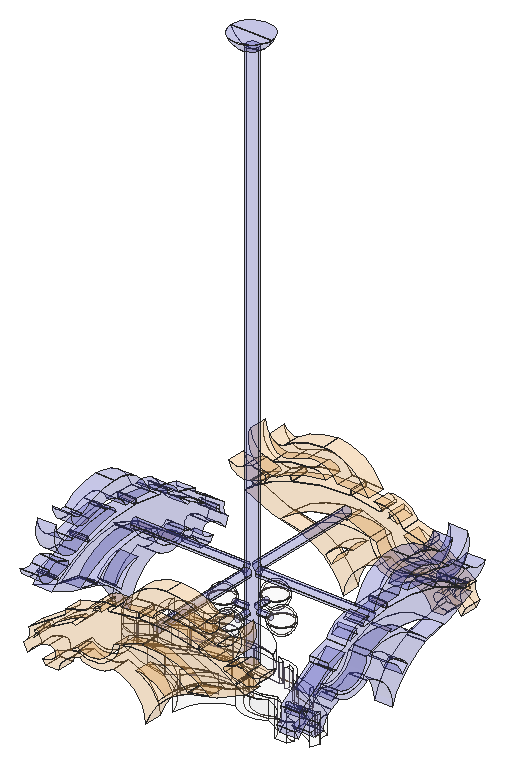
Revit family
Parameters (values of type "bronco")
  Lumens = 1800 lm
  Assembly Code = ""
Reference planes (in)
  plane 1 "Light Source Axis (F/B)": y = 0
  plane 2: z = 0
  plane 3 "Light Source Axis (L/R)": x = 0
  plane 4 "Light Source Elevation": z = 54
Forms (in)
  Extrusion 1, solid, material "Glass 5"
    sketch origin (0, -3, 0) x (1, 0, 0) y (0, 1, 0)
      loop
        arc (30.18846, 21.87803) -> (28.20176, 23.82881) -> (25.43034, 24.09678) r 4.17526
        arc (25.43034, 24.09678) -> (26.02412, 23.89127) -> (26.56323, 23.5685) r 3.05171
        arc (26.56323, 23.5685) -> (26.74757, 23.2581) -> (26.42959, 23.08717) r 0.25
        arc (26.42959, 23.08717) -> (24.17505, 23.50555) -> (21.89288, 23.72846) r 26.63244
        line (21.89288, 23.72846) -> (21.89288, 24.49891) -> (24.6163, 24.23723)
        arc (24.6163, 24.23723) -> (21.74678, 27.80678) -> (17.36222, 29.13017) r 7.74197
        arc (17.36222, 29.13017) -> (14.06445, 28.59577) -> (11.08238, 27.08973) r 10.92439
        arc (11.08238, 27.08973) -> (9.74716, 27.1841) -> (8.81661, 28.14628) r 1.8712
        arc (8.81661, 28.14628) -> (9.91411, 25.83957) -> (12.46778, 25.77518) r 2.44063
        line (12.46778, 25.77518) -> (14.93222, 26.57592)
        arc (14.93222, 26.57592) -> (17.67511, 26.435) -> (19.62315, 24.49891) r 3.84223
        line (19.62315, 24.49891) -> (21.69312, 24.49891) -> (21.69312, 23.73847)
        arc (21.69312, 23.73847) -> (17.02206, 23.57062) -> (12.466, 22.52698) r 24.7332
        line (12.466, 22.52698) -> (12.1725, 23.25527)
        arc (12.1725, 23.25527) -> (14.94652, 24.08233) -> (17.81944, 24.43667) r 17.34966
        arc (17.81944, 24.43667) -> (17.02054, 25.34012) -> (15.82938, 25.52879) r 1.78387
        arc (15.82938, 25.52879) -> (12.52103, 25.16582) -> (9.31007, 24.29024) r 21.22878
        arc (9.31007, 24.29024) -> (6.81007, 25.32578) -> (5.77454, 27.82578) r 3.53553
        arc (5.77454, 27.82578) -> (6.16016, 23.77971) -> (9.88903, 22.16266) r 3.99744
        arc (9.88903, 22.16266) -> (10.94564, 22.71932) -> (12.03805, 23.20197) r 17.34966
        line (12.03805, 23.20197) -> (12.27765, 22.46641)
        arc (12.27765, 22.46641) -> (9.23656, 21.32351) -> (6.41061, 19.72087) r 20.79363
        line (6.41061, 19.72087) -> (6.02228, 20.33962) -> (7.95548, 20.94144)
        arc (7.95548, 20.94144) -> (8.25083, 21.34271) -> (7.95548, 21.74398) r 0.42027
        line (7.95548, 21.74398) -> (6.08832, 22.46072)
        arc (6.08832, 22.46072) -> (5.24136, 22.3012) -> (4.51223, 21.84166) r 2.30439
        arc (4.51223, 21.84166) -> (3.3579, 21.62151) -> (2.27456, 22.07685) r 2.03315
        arc (2.27456, 22.07685) -> (3.47873, 20.38926) -> (5.54232, 20.19021) r 2.50055
        line (5.54232, 20.19021) -> (5.84571, 20.28466) -> (6.26382, 19.62807)
        arc (6.26382, 19.62807) -> (5.50758, 19.12808) -> (4.76892, 18.60246) r 26.4452
        arc (4.76892, 18.60246) -> (9.31788, 16.62612) -> (14.14442, 15.48443) r 27.96628
        arc (14.14442, 15.48443) -> (18.14778, 12.94705) -> (20.68516, 8.9437) r 10.83595
        arc (20.68516, 8.9437) -> (22.23069, 12.88913) -> (25.88129, 15.04048) r 6.49168
        arc (25.88129, 15.04048) -> (28.55778, 13.98767) -> (31.31599, 14.80273) r 4.42434
        line (31.31599, 14.80273) -> (32.90203, 14.06315)
        arc (32.90203, 14.06315) -> (34.08431, 13.10098) -> (34.66965, 11.69352) r 3.12
        line (34.66965, 11.69352) -> (36.66965, 11.69352) -> (37.26791, 12.58049)
        arc (37.26791, 12.58049) -> (36.30931, 12.69905) -> (35.45335, 13.14663) r 2.70701
        arc (35.45335, 13.14663) -> (35.17722, 14.29162) -> (36.23182, 14.81607) r 0.94479
        arc (36.23182, 14.81607) -> (38.10989, 14.03588) -> (39.58651, 12.63751) r 5.61096
        line (39.58651, 12.63751) -> (40.22043, 13.99698)
        arc (40.22043, 13.99698) -> (39.40575, 15.05233) -> (39.47517, 16.38375) r 1.91911
        line (39.47517, 16.38375) -> (33.60447, 20.19622) -> (33.60447, 20.94622) -> (30.18846, 21.87803)
      loop
        line (38.57623, 15.05865) -> (38.39153, 15.74149) -> (38.51864, 16.14075)
        arc (38.51864, 16.14075) -> (37.94952, 16.37649) -> (37.86912, 15.76575) r 0.38823
        line (37.86912, 15.76575) -> (38.57623, 15.05865)
      loop
        arc (30.17877, 20.948) -> (31.08165, 20.08311) -> (31.94654, 19.18023) r 29.0924
        line (31.94654, 19.18023) -> (32.5418, 19.33973) -> (36.374, 17.29113)
        arc (36.374, 17.29113) -> (33.49198, 19.4848) -> (30.17877, 20.948) r 15.46537
      loop
        line (32.99274, 15.22953) -> (31.59218, 16.17422)
        arc (31.59218, 16.17422) -> (28.07522, 15.69898) -> (25.88859, 18.49424) r 3.56723
        line (25.88859, 18.49424) -> (21.03568, 20.3571) -> (21.24176, 20.00016)
        arc (21.24176, 20.00016) -> (15.5716, 19.24824) -> (10.54237, 16.52372) r 15.77357
        line (10.54237, 16.52372) -> (13.97807, 15.85589)
        arc (13.97807, 15.85589) -> (18.99215, 18.87639) -> (24.84473, 18.76761) r 10.57656
        arc (24.84473, 18.76761) -> (27.39252, 15.35809) -> (31.64204, 15.59797) r 4.49902
        line (31.64204, 15.59797) -> (32.99274, 15.22953)
      loop
        line (17.73523, 13.89967) -> (18.79589, 12.83901)
        arc (18.79589, 12.83901) -> (20.1506, 14.86867) -> (22.26982, 16.0785) r 5.31209
        arc (22.26982, 16.0785) -> (19.74195, 15.53141) -> (17.73523, 13.89967) r 5.55897
      loop
        arc (27.86136, 23.37989) -> (28.01757, 22.92584) -> (27.71548, 22.5526) r 0.49544
        arc (27.71548, 22.5526) -> (28.52408, 22.51292) -> (29.24082, 22.13653) r 1.87781
        arc (29.24082, 22.13653) -> (28.69784, 22.92102) -> (27.86136, 23.37989) r 2.07647
    from 0 to 3
  Extrusion 2, solid, material "Glass 2"
    sketch origin (6.71115, -15.0735, 3) x (1, 0, 0) y (0, 1, 0)
      loop
        circle (16.89336, 33.24166) r 1
    from 0 to 88.37736
  Revolve 3, solid, material "Glass 2"
    sketch origin (23.60451, 18, 36.95569) x (1, 0, 0) y (0, 0, 1)
      loop
        arc (0, 54) -> (2.03377, 54.58236) -> (3.27661, 56.29431) r 3.24548
        line (3.27661, 56.29431) -> (0, 56.29431) -> (0, 54)
      axis (0, 56.29431) -> (0, 54)
    angle from 0 to 360
  Extrusion 4, solid, material "Glass 3"
    sketch origin (2.36276, 40.16816, -5.12155) x (1, 0, 0) y (0, 0, 1)
      loop
        arc (30.18846, 21.87803) -> (28.20176, 23.82881) -> (25.43034, 24.09678) r 4.17526
        arc (25.43034, 24.09678) -> (26.02412, 23.89127) -> (26.56323, 23.5685) r 3.05171
        arc (26.56323, 23.5685) -> (26.74757, 23.2581) -> (26.42959, 23.08717) r 0.25
        arc (26.42959, 23.08717) -> (24.17505, 23.50555) -> (21.89288, 23.72846) r 26.63244
        line (21.89288, 23.72846) -> (21.89288, 24.49891) -> (24.6163, 24.23723)
        arc (24.6163, 24.23723) -> (21.74678, 27.80678) -> (17.36222, 29.13017) r 7.74197
        arc (17.36222, 29.13017) -> (14.06445, 28.59577) -> (11.08238, 27.08973) r 10.92439
        arc (11.08238, 27.08973) -> (9.74716, 27.1841) -> (8.81661, 28.14628) r 1.8712
        arc (8.81661, 28.14628) -> (9.91411, 25.83957) -> (12.46778, 25.77518) r 2.44063
        line (12.46778, 25.77518) -> (14.93222, 26.57592)
        arc (14.93222, 26.57592) -> (17.67511, 26.435) -> (19.62315, 24.49891) r 3.84223
        line (19.62315, 24.49891) -> (21.69312, 24.49891) -> (21.69312, 23.73847)
        arc (21.69312, 23.73847) -> (17.02206, 23.57062) -> (12.466, 22.52698) r 24.7332
        line (12.466, 22.52698) -> (12.1725, 23.25527)
        arc (12.1725, 23.25527) -> (14.94652, 24.08233) -> (17.81944, 24.43667) r 17.34966
        arc (17.81944, 24.43667) -> (17.02054, 25.34012) -> (15.82938, 25.52879) r 1.78387
        arc (15.82938, 25.52879) -> (12.52103, 25.16582) -> (9.31007, 24.29024) r 21.22878
        arc (9.31007, 24.29024) -> (6.81007, 25.32578) -> (5.77454, 27.82578) r 3.53553
        arc (5.77454, 27.82578) -> (6.16016, 23.77971) -> (9.88903, 22.16266) r 3.99744
        arc (9.88903, 22.16266) -> (10.94564, 22.71932) -> (12.03805, 23.20197) r 17.34966
        line (12.03805, 23.20197) -> (12.27765, 22.46641)
        arc (12.27765, 22.46641) -> (9.23656, 21.32351) -> (6.41061, 19.72087) r 20.79363
        line (6.41061, 19.72087) -> (6.02228, 20.33962) -> (7.95548, 20.94144)
        arc (7.95548, 20.94144) -> (8.25083, 21.34271) -> (7.95548, 21.74398) r 0.42027
        line (7.95548, 21.74398) -> (6.08832, 22.46072)
        arc (6.08832, 22.46072) -> (5.24136, 22.3012) -> (4.51223, 21.84166) r 2.30439
        arc (4.51223, 21.84166) -> (3.3579, 21.62151) -> (2.27456, 22.07685) r 2.03315
        arc (2.27456, 22.07685) -> (3.47873, 20.38926) -> (5.54232, 20.19021) r 2.50055
        line (5.54232, 20.19021) -> (5.84571, 20.28466) -> (6.26382, 19.62807)
        arc (6.26382, 19.62807) -> (5.50758, 19.12808) -> (4.76892, 18.60246) r 26.4452
        arc (4.76892, 18.60246) -> (9.31788, 16.62612) -> (14.14442, 15.48443) r 27.96628
        arc (14.14442, 15.48443) -> (18.14778, 12.94705) -> (20.68516, 8.9437) r 10.83595
        arc (20.68516, 8.9437) -> (22.23069, 12.88913) -> (25.88129, 15.04048) r 6.49168
        arc (25.88129, 15.04048) -> (28.55778, 13.98767) -> (31.31599, 14.80273) r 4.42434
        line (31.31599, 14.80273) -> (32.90203, 14.06315)
        arc (32.90203, 14.06315) -> (34.08431, 13.10098) -> (34.66965, 11.69352) r 3.12
        line (34.66965, 11.69352) -> (36.66965, 11.69352) -> (37.26791, 12.58049)
        arc (37.26791, 12.58049) -> (36.30931, 12.69905) -> (35.45335, 13.14663) r 2.70701
        arc (35.45335, 13.14663) -> (35.17722, 14.29162) -> (36.23182, 14.81607) r 0.94479
        arc (36.23182, 14.81607) -> (38.10989, 14.03588) -> (39.58651, 12.63751) r 5.61096
        line (39.58651, 12.63751) -> (40.22043, 13.99698)
        arc (40.22043, 13.99698) -> (39.40575, 15.05233) -> (39.47517, 16.38375) r 1.91911
        line (39.47517, 16.38375) -> (33.60447, 20.19622) -> (33.60447, 20.94622) -> (30.18846, 21.87803)
      loop
        line (38.57623, 15.05865) -> (38.39153, 15.74149) -> (38.51864, 16.14075)
        arc (38.51864, 16.14075) -> (37.94952, 16.37649) -> (37.86912, 15.76575) r 0.38823
        line (37.86912, 15.76575) -> (38.57623, 15.05865)
      loop
        arc (30.17877, 20.948) -> (31.08165, 20.08311) -> (31.94654, 19.18023) r 29.0924
        line (31.94654, 19.18023) -> (32.5418, 19.33973) -> (36.374, 17.29113)
        arc (36.374, 17.29113) -> (33.49198, 19.4848) -> (30.17877, 20.948) r 15.46537
      loop
        line (32.99274, 15.22953) -> (31.59218, 16.17422)
        arc (31.59218, 16.17422) -> (28.07522, 15.69898) -> (25.88859, 18.49424) r 3.56723
        line (25.88859, 18.49424) -> (21.03568, 20.3571) -> (21.24176, 20.00016)
        arc (21.24176, 20.00016) -> (15.5716, 19.24824) -> (10.54237, 16.52372) r 15.77357
        line (10.54237, 16.52372) -> (13.97807, 15.85589)
        arc (13.97807, 15.85589) -> (18.99215, 18.87639) -> (24.84473, 18.76761) r 10.57656
        arc (24.84473, 18.76761) -> (27.39252, 15.35809) -> (31.64204, 15.59797) r 4.49902
        line (31.64204, 15.59797) -> (32.99274, 15.22953)
      loop
        line (17.73523, 13.89967) -> (18.79589, 12.83901)
        arc (18.79589, 12.83901) -> (20.1506, 14.86867) -> (22.26982, 16.0785) r 5.31209
        arc (22.26982, 16.0785) -> (19.74195, 15.53141) -> (17.73523, 13.89967) r 5.55897
      loop
        arc (27.86136, 23.37989) -> (28.01757, 22.92584) -> (27.71548, 22.5526) r 0.49544
        arc (27.71548, 22.5526) -> (28.52408, 22.51292) -> (29.24082, 22.13653) r 1.87781
        arc (29.24082, 22.13653) -> (28.69784, 22.92102) -> (27.86136, 23.37989) r 2.07647
    from 0 to 3
  Extrusion 5, solid, material "Glass 2"
    sketch origin (-6.12554, 17.16816, -7) x (1, 0, 0) y (0, 0, 1)
      loop
        circle (29.73005, 23.16202) r 0.75
    from 0 to 18
  Extrusion 6, solid, material "Glass 2"
    sketch origin (-6.12554, 37.16816, -7) x (1, 0, 0) y (0, 0, 1)
      loop
        circle (29.73005, 23.16202) r 0.75
    from 0 to 18
  Extrusion 7, solid, material "Glass 2"
    sketch origin (22.59977, 47.9955, -7) x (0, -1, 0) y (0, 0, 1)
      loop
        circle (29.73005, 23.16202) r 0.75
    from 0 to 18
  Extrusion 8, solid, material "Glass 2"
    sketch origin (42.59977, 47.9955, -7) x (0, -1, 0) y (0, 0, 1)
      loop
        circle (29.73005, 23.16202) r 0.75
    from 0 to 18
  Extrusion 9, solid, material "Glass 3"
    sketch origin (44.84627, -3.83184, -5.12155) x (-1, 0, 0) y (0, 0, 1)
      loop
        arc (30.18846, 21.87803) -> (28.20176, 23.82881) -> (25.43034, 24.09678) r 4.17526
        arc (25.43034, 24.09678) -> (26.02412, 23.89127) -> (26.56323, 23.5685) r 3.05171
        arc (26.56323, 23.5685) -> (26.74757, 23.2581) -> (26.42959, 23.08717) r 0.25
        arc (26.42959, 23.08717) -> (24.17505, 23.50555) -> (21.89288, 23.72846) r 26.63244
        line (21.89288, 23.72846) -> (21.89288, 24.49891) -> (24.6163, 24.23723)
        arc (24.6163, 24.23723) -> (21.74678, 27.80678) -> (17.36222, 29.13017) r 7.74197
        arc (17.36222, 29.13017) -> (14.06445, 28.59577) -> (11.08238, 27.08973) r 10.92439
        arc (11.08238, 27.08973) -> (9.74716, 27.1841) -> (8.81661, 28.14628) r 1.8712
        arc (8.81661, 28.14628) -> (9.91411, 25.83957) -> (12.46778, 25.77518) r 2.44063
        line (12.46778, 25.77518) -> (14.93222, 26.57592)
        arc (14.93222, 26.57592) -> (17.67511, 26.435) -> (19.62315, 24.49891) r 3.84223
        line (19.62315, 24.49891) -> (21.69312, 24.49891) -> (21.69312, 23.73847)
        arc (21.69312, 23.73847) -> (17.02206, 23.57062) -> (12.466, 22.52698) r 24.7332
        line (12.466, 22.52698) -> (12.1725, 23.25527)
        arc (12.1725, 23.25527) -> (14.94652, 24.08233) -> (17.81944, 24.43667) r 17.34966
        arc (17.81944, 24.43667) -> (17.02054, 25.34012) -> (15.82938, 25.52879) r 1.78387
        arc (15.82938, 25.52879) -> (12.52103, 25.16582) -> (9.31007, 24.29024) r 21.22878
        arc (9.31007, 24.29024) -> (6.81007, 25.32578) -> (5.77454, 27.82578) r 3.53553
        arc (5.77454, 27.82578) -> (6.16016, 23.77971) -> (9.88903, 22.16266) r 3.99744
        arc (9.88903, 22.16266) -> (10.94564, 22.71932) -> (12.03805, 23.20197) r 17.34966
        line (12.03805, 23.20197) -> (12.27765, 22.46641)
        arc (12.27765, 22.46641) -> (9.23656, 21.32351) -> (6.41061, 19.72087) r 20.79363
        line (6.41061, 19.72087) -> (6.02228, 20.33962) -> (7.95548, 20.94144)
        arc (7.95548, 20.94144) -> (8.25083, 21.34271) -> (7.95548, 21.74398) r 0.42027
        line (7.95548, 21.74398) -> (6.08832, 22.46072)
        arc (6.08832, 22.46072) -> (5.24136, 22.3012) -> (4.51223, 21.84166) r 2.30439
        arc (4.51223, 21.84166) -> (3.3579, 21.62151) -> (2.27456, 22.07685) r 2.03315
        arc (2.27456, 22.07685) -> (3.47873, 20.38926) -> (5.54232, 20.19021) r 2.50055
        line (5.54232, 20.19021) -> (5.84571, 20.28466) -> (6.26382, 19.62807)
        arc (6.26382, 19.62807) -> (5.50758, 19.12808) -> (4.76892, 18.60246) r 26.4452
        arc (4.76892, 18.60246) -> (9.31788, 16.62612) -> (14.14442, 15.48443) r 27.96628
        arc (14.14442, 15.48443) -> (18.14778, 12.94705) -> (20.68516, 8.9437) r 10.83595
        arc (20.68516, 8.9437) -> (22.23069, 12.88913) -> (25.88129, 15.04048) r 6.49168
        arc (25.88129, 15.04048) -> (28.55778, 13.98767) -> (31.31599, 14.80273) r 4.42434
        line (31.31599, 14.80273) -> (32.90203, 14.06315)
        arc (32.90203, 14.06315) -> (34.08431, 13.10098) -> (34.66965, 11.69352) r 3.12
        line (34.66965, 11.69352) -> (36.66965, 11.69352) -> (37.26791, 12.58049)
        arc (37.26791, 12.58049) -> (36.30931, 12.69905) -> (35.45335, 13.14663) r 2.70701
        arc (35.45335, 13.14663) -> (35.17722, 14.29162) -> (36.23182, 14.81607) r 0.94479
        arc (36.23182, 14.81607) -> (38.10989, 14.03588) -> (39.58651, 12.63751) r 5.61096
        line (39.58651, 12.63751) -> (40.22043, 13.99698)
        arc (40.22043, 13.99698) -> (39.40575, 15.05233) -> (39.47517, 16.38375) r 1.91911
        line (39.47517, 16.38375) -> (33.60447, 20.19622) -> (33.60447, 20.94622) -> (30.18846, 21.87803)
      loop
        line (38.57623, 15.05865) -> (38.39153, 15.74149) -> (38.51864, 16.14075)
        arc (38.51864, 16.14075) -> (37.94952, 16.37649) -> (37.86912, 15.76575) r 0.38823
        line (37.86912, 15.76575) -> (38.57623, 15.05865)
      loop
        arc (30.17877, 20.948) -> (31.08165, 20.08311) -> (31.94654, 19.18023) r 29.0924
        line (31.94654, 19.18023) -> (32.5418, 19.33973) -> (36.374, 17.29113)
        arc (36.374, 17.29113) -> (33.49198, 19.4848) -> (30.17877, 20.948) r 15.46537
      loop
        line (32.99274, 15.22953) -> (31.59218, 16.17422)
        arc (31.59218, 16.17422) -> (28.07522, 15.69898) -> (25.88859, 18.49424) r 3.56723
        line (25.88859, 18.49424) -> (21.03568, 20.3571) -> (21.24176, 20.00016)
        arc (21.24176, 20.00016) -> (15.5716, 19.24824) -> (10.54237, 16.52372) r 15.77357
        line (10.54237, 16.52372) -> (13.97807, 15.85589)
        arc (13.97807, 15.85589) -> (18.99215, 18.87639) -> (24.84473, 18.76761) r 10.57656
        arc (24.84473, 18.76761) -> (27.39252, 15.35809) -> (31.64204, 15.59797) r 4.49902
        line (31.64204, 15.59797) -> (32.99274, 15.22953)
      loop
        line (17.73523, 13.89967) -> (18.79589, 12.83901)
        arc (18.79589, 12.83901) -> (20.1506, 14.86867) -> (22.26982, 16.0785) r 5.31209
        arc (22.26982, 16.0785) -> (19.74195, 15.53141) -> (17.73523, 13.89967) r 5.55897
      loop
        arc (27.86136, 23.37989) -> (28.01757, 22.92584) -> (27.71548, 22.5526) r 0.49544
        arc (27.71548, 22.5526) -> (28.52408, 22.51292) -> (29.24082, 22.13653) r 1.87781
        arc (29.24082, 22.13653) -> (28.69784, 22.92102) -> (27.86136, 23.37989) r 2.07647
    from 0 to 3
  Extrusion 10, solid, material "Glass 2"
    sketch origin (45.59977, 39.5072, -5.12155) x (0, -1, 0) y (0, 0, 1)
      loop
        arc (30.18846, 21.87803) -> (28.20176, 23.82881) -> (25.43034, 24.09678) r 4.17526
        arc (25.43034, 24.09678) -> (26.02412, 23.89127) -> (26.56323, 23.5685) r 3.05171
        arc (26.56323, 23.5685) -> (26.74757, 23.2581) -> (26.42959, 23.08717) r 0.25
        arc (26.42959, 23.08717) -> (24.17505, 23.50555) -> (21.89288, 23.72846) r 26.63244
        line (21.89288, 23.72846) -> (21.89288, 24.49891) -> (24.6163, 24.23723)
        arc (24.6163, 24.23723) -> (21.74678, 27.80678) -> (17.36222, 29.13017) r 7.74197
        arc (17.36222, 29.13017) -> (14.06445, 28.59577) -> (11.08238, 27.08973) r 10.92439
        arc (11.08238, 27.08973) -> (9.74716, 27.1841) -> (8.81661, 28.14628) r 1.8712
        arc (8.81661, 28.14628) -> (9.91411, 25.83957) -> (12.46778, 25.77518) r 2.44063
        line (12.46778, 25.77518) -> (14.93222, 26.57592)
        arc (14.93222, 26.57592) -> (17.67511, 26.435) -> (19.62315, 24.49891) r 3.84223
        line (19.62315, 24.49891) -> (21.69312, 24.49891) -> (21.69312, 23.73847)
        arc (21.69312, 23.73847) -> (17.02206, 23.57062) -> (12.466, 22.52698) r 24.7332
        line (12.466, 22.52698) -> (12.1725, 23.25527)
        arc (12.1725, 23.25527) -> (14.94652, 24.08233) -> (17.81944, 24.43667) r 17.34966
        arc (17.81944, 24.43667) -> (17.02054, 25.34012) -> (15.82938, 25.52879) r 1.78387
        arc (15.82938, 25.52879) -> (12.52103, 25.16582) -> (9.31007, 24.29024) r 21.22878
        arc (9.31007, 24.29024) -> (6.81007, 25.32578) -> (5.77454, 27.82578) r 3.53553
        arc (5.77454, 27.82578) -> (6.16016, 23.77971) -> (9.88903, 22.16266) r 3.99744
        arc (9.88903, 22.16266) -> (10.94564, 22.71932) -> (12.03805, 23.20197) r 17.34966
        line (12.03805, 23.20197) -> (12.27765, 22.46641)
        arc (12.27765, 22.46641) -> (9.23656, 21.32351) -> (6.41061, 19.72087) r 20.79363
        line (6.41061, 19.72087) -> (6.02228, 20.33962) -> (7.95548, 20.94144)
        arc (7.95548, 20.94144) -> (8.25083, 21.34271) -> (7.95548, 21.74398) r 0.42027
        line (7.95548, 21.74398) -> (6.08832, 22.46072)
        arc (6.08832, 22.46072) -> (5.24136, 22.3012) -> (4.51223, 21.84166) r 2.30439
        arc (4.51223, 21.84166) -> (3.3579, 21.62151) -> (2.27456, 22.07685) r 2.03315
        arc (2.27456, 22.07685) -> (3.47873, 20.38926) -> (5.54232, 20.19021) r 2.50055
        line (5.54232, 20.19021) -> (5.84571, 20.28466) -> (6.26382, 19.62807)
        arc (6.26382, 19.62807) -> (5.50758, 19.12808) -> (4.76892, 18.60246) r 26.4452
        arc (4.76892, 18.60246) -> (9.31788, 16.62612) -> (14.14442, 15.48443) r 27.96628
        arc (14.14442, 15.48443) -> (18.14778, 12.94705) -> (20.68516, 8.9437) r 10.83595
        arc (20.68516, 8.9437) -> (22.23069, 12.88913) -> (25.88129, 15.04048) r 6.49168
        arc (25.88129, 15.04048) -> (28.55778, 13.98767) -> (31.31599, 14.80273) r 4.42434
        line (31.31599, 14.80273) -> (32.90203, 14.06315)
        arc (32.90203, 14.06315) -> (34.08431, 13.10098) -> (34.66965, 11.69352) r 3.12
        line (34.66965, 11.69352) -> (36.66965, 11.69352) -> (37.26791, 12.58049)
        arc (37.26791, 12.58049) -> (36.30931, 12.69905) -> (35.45335, 13.14663) r 2.70701
        arc (35.45335, 13.14663) -> (35.17722, 14.29162) -> (36.23182, 14.81607) r 0.94479
        arc (36.23182, 14.81607) -> (38.10989, 14.03588) -> (39.58651, 12.63751) r 5.61096
        line (39.58651, 12.63751) -> (40.22043, 13.99698)
        arc (40.22043, 13.99698) -> (39.40575, 15.05233) -> (39.47517, 16.38375) r 1.91911
        line (39.47517, 16.38375) -> (33.60447, 20.19622) -> (33.60447, 20.94622) -> (30.18846, 21.87803)
      loop
        line (38.57623, 15.05865) -> (38.39153, 15.74149) -> (38.51864, 16.14075)
        arc (38.51864, 16.14075) -> (37.94952, 16.37649) -> (37.86912, 15.76575) r 0.38823
        line (37.86912, 15.76575) -> (38.57623, 15.05865)
      loop
        arc (30.17877, 20.948) -> (31.08165, 20.08311) -> (31.94654, 19.18023) r 29.0924
        line (31.94654, 19.18023) -> (32.5418, 19.33973) -> (36.374, 17.29113)
        arc (36.374, 17.29113) -> (33.49198, 19.4848) -> (30.17877, 20.948) r 15.46537
      loop
        line (32.99274, 15.22953) -> (31.59218, 16.17422)
        arc (31.59218, 16.17422) -> (28.07522, 15.69898) -> (25.88859, 18.49424) r 3.56723
        line (25.88859, 18.49424) -> (21.03568, 20.3571) -> (21.24176, 20.00016)
        arc (21.24176, 20.00016) -> (15.5716, 19.24824) -> (10.54237, 16.52372) r 15.77357
        line (10.54237, 16.52372) -> (13.97807, 15.85589)
        arc (13.97807, 15.85589) -> (18.99215, 18.87639) -> (24.84473, 18.76761) r 10.57656
        arc (24.84473, 18.76761) -> (27.39252, 15.35809) -> (31.64204, 15.59797) r 4.49902
        line (31.64204, 15.59797) -> (32.99274, 15.22953)
      loop
        line (17.73523, 13.89967) -> (18.79589, 12.83901)
        arc (18.79589, 12.83901) -> (20.1506, 14.86867) -> (22.26982, 16.0785) r 5.31209
        arc (22.26982, 16.0785) -> (19.74195, 15.53141) -> (17.73523, 13.89967) r 5.55897
      loop
        arc (27.86136, 23.37989) -> (28.01757, 22.92584) -> (27.71548, 22.5526) r 0.49544
        arc (27.71548, 22.5526) -> (28.52408, 22.51292) -> (29.24082, 22.13653) r 1.87781
        arc (29.24082, 22.13653) -> (28.69784, 22.92102) -> (27.86136, 23.37989) r 2.07647
    from 0 to 3
  Extrusion 11, solid, material "Glass 2"
    sketch origin (1.59977, -3.07089, -5.12155) x (0, 1, 0) y (0, 0, 1)
      loop
        arc (30.18846, 21.87803) -> (28.20176, 23.82881) -> (25.43034, 24.09678) r 4.17526
        arc (25.43034, 24.09678) -> (26.02412, 23.89127) -> (26.56323, 23.5685) r 3.05171
        arc (26.56323, 23.5685) -> (26.74757, 23.2581) -> (26.42959, 23.08717) r 0.25
        arc (26.42959, 23.08717) -> (24.17505, 23.50555) -> (21.89288, 23.72846) r 26.63244
        line (21.89288, 23.72846) -> (21.89288, 24.49891) -> (24.6163, 24.23723)
        arc (24.6163, 24.23723) -> (21.74678, 27.80678) -> (17.36222, 29.13017) r 7.74197
        arc (17.36222, 29.13017) -> (14.06445, 28.59577) -> (11.08238, 27.08973) r 10.92439
        arc (11.08238, 27.08973) -> (9.74716, 27.1841) -> (8.81661, 28.14628) r 1.8712
        arc (8.81661, 28.14628) -> (9.91411, 25.83957) -> (12.46778, 25.77518) r 2.44063
        line (12.46778, 25.77518) -> (14.93222, 26.57592)
        arc (14.93222, 26.57592) -> (17.67511, 26.435) -> (19.62315, 24.49891) r 3.84223
        line (19.62315, 24.49891) -> (21.69312, 24.49891) -> (21.69312, 23.73847)
        arc (21.69312, 23.73847) -> (17.02206, 23.57062) -> (12.466, 22.52698) r 24.7332
        line (12.466, 22.52698) -> (12.1725, 23.25527)
        arc (12.1725, 23.25527) -> (14.94652, 24.08233) -> (17.81944, 24.43667) r 17.34966
        arc (17.81944, 24.43667) -> (17.02054, 25.34012) -> (15.82938, 25.52879) r 1.78387
        arc (15.82938, 25.52879) -> (12.52103, 25.16582) -> (9.31007, 24.29024) r 21.22878
        arc (9.31007, 24.29024) -> (6.81007, 25.32578) -> (5.77454, 27.82578) r 3.53553
        arc (5.77454, 27.82578) -> (6.16016, 23.77971) -> (9.88903, 22.16266) r 3.99744
        arc (9.88903, 22.16266) -> (10.94564, 22.71932) -> (12.03805, 23.20197) r 17.34966
        line (12.03805, 23.20197) -> (12.27765, 22.46641)
        arc (12.27765, 22.46641) -> (9.23656, 21.32351) -> (6.41061, 19.72087) r 20.79363
        line (6.41061, 19.72087) -> (6.02228, 20.33962) -> (7.95548, 20.94144)
        arc (7.95548, 20.94144) -> (8.25083, 21.34271) -> (7.95548, 21.74398) r 0.42027
        line (7.95548, 21.74398) -> (6.08832, 22.46072)
        arc (6.08832, 22.46072) -> (5.24136, 22.3012) -> (4.51223, 21.84166) r 2.30439
        arc (4.51223, 21.84166) -> (3.3579, 21.62151) -> (2.27456, 22.07685) r 2.03315
        arc (2.27456, 22.07685) -> (3.47873, 20.38926) -> (5.54232, 20.19021) r 2.50055
        line (5.54232, 20.19021) -> (5.84571, 20.28466) -> (6.26382, 19.62807)
        arc (6.26382, 19.62807) -> (5.50758, 19.12808) -> (4.76892, 18.60246) r 26.4452
        arc (4.76892, 18.60246) -> (9.31788, 16.62612) -> (14.14442, 15.48443) r 27.96628
        arc (14.14442, 15.48443) -> (18.14778, 12.94705) -> (20.68516, 8.9437) r 10.83595
        arc (20.68516, 8.9437) -> (22.23069, 12.88913) -> (25.88129, 15.04048) r 6.49168
        arc (25.88129, 15.04048) -> (28.55778, 13.98767) -> (31.31599, 14.80273) r 4.42434
        line (31.31599, 14.80273) -> (32.90203, 14.06315)
        arc (32.90203, 14.06315) -> (34.08431, 13.10098) -> (34.66965, 11.69352) r 3.12
        line (34.66965, 11.69352) -> (36.66965, 11.69352) -> (37.26791, 12.58049)
        arc (37.26791, 12.58049) -> (36.30931, 12.69905) -> (35.45335, 13.14663) r 2.70701
        arc (35.45335, 13.14663) -> (35.17722, 14.29162) -> (36.23182, 14.81607) r 0.94479
        arc (36.23182, 14.81607) -> (38.10989, 14.03588) -> (39.58651, 12.63751) r 5.61096
        line (39.58651, 12.63751) -> (40.22043, 13.99698)
        arc (40.22043, 13.99698) -> (39.40575, 15.05233) -> (39.47517, 16.38375) r 1.91911
        line (39.47517, 16.38375) -> (33.60447, 20.19622) -> (33.60447, 20.94622) -> (30.18846, 21.87803)
      loop
        line (38.57623, 15.05865) -> (38.39153, 15.74149) -> (38.51864, 16.14075)
        arc (38.51864, 16.14075) -> (37.94952, 16.37649) -> (37.86912, 15.76575) r 0.38823
        line (37.86912, 15.76575) -> (38.57623, 15.05865)
      loop
        arc (30.17877, 20.948) -> (31.08165, 20.08311) -> (31.94654, 19.18023) r 29.0924
        line (31.94654, 19.18023) -> (32.5418, 19.33973) -> (36.374, 17.29113)
        arc (36.374, 17.29113) -> (33.49198, 19.4848) -> (30.17877, 20.948) r 15.46537
      loop
        line (32.99274, 15.22953) -> (31.59218, 16.17422)
        arc (31.59218, 16.17422) -> (28.07522, 15.69898) -> (25.88859, 18.49424) r 3.56723
        line (25.88859, 18.49424) -> (21.03568, 20.3571) -> (21.24176, 20.00016)
        arc (21.24176, 20.00016) -> (15.5716, 19.24824) -> (10.54237, 16.52372) r 15.77357
        line (10.54237, 16.52372) -> (13.97807, 15.85589)
        arc (13.97807, 15.85589) -> (18.99215, 18.87639) -> (24.84473, 18.76761) r 10.57656
        arc (24.84473, 18.76761) -> (27.39252, 15.35809) -> (31.64204, 15.59797) r 4.49902
        line (31.64204, 15.59797) -> (32.99274, 15.22953)
      loop
        line (17.73523, 13.89967) -> (18.79589, 12.83901)
        arc (18.79589, 12.83901) -> (20.1506, 14.86867) -> (22.26982, 16.0785) r 5.31209
        arc (22.26982, 16.0785) -> (19.74195, 15.53141) -> (17.73523, 13.89967) r 5.55897
      loop
        arc (27.86136, 23.37989) -> (28.01757, 22.92584) -> (27.71548, 22.5526) r 0.49544
        arc (27.71548, 22.5526) -> (28.52408, 22.51292) -> (29.24082, 22.13653) r 1.87781
        arc (29.24082, 22.13653) -> (28.69784, 22.92102) -> (27.86136, 23.37989) r 2.07647
    from 0 to 3
  Extrusion 12, solid, material "Glass 2"
    sketch origin (-30.41446, 17.16816, -3.25) x (1, 0, 0) y (0, 0, 1)
      loop
        circle (54.01897, 13.67824) r 0.5
    from 0 to 2
  Extrusion 13, solid, material "Glass 2"
    sketch origin (-30.41446, 21.16816, -3.25) x (1, 0, 0) y (0, 0, 1)
      loop
        circle (54.01897, 13.67824) r 0.5
    from 0 to 2
  Extrusion 14, solid, material "Glass 2"
    sketch origin (22.60451, 72.31776, -3.25) x (0, -1, 0) y (0, 0, 1)
      loop
        circle (54.01897, 13.67824) r 0.5
    from 0 to 2
  Extrusion 15, solid, material "Glass 2"
    sketch origin (26.60451, 72.26337, -3.25) x (0, -1, 0) y (0, 0, 1)
      loop
        circle (54.01897, 13.67824) r 0.5
    from 0 to 2
  Revolve 16, solid, material "Glass 4"
    sketch origin (-25.27659, 16.17847, 10.5) x (1, 0, 0) y (0, 1, 0)
      loop
        arc (53.59977, 0) -> (55.59977, 2) -> (53.59977, 4) r 2
        line (53.59977, 4) -> (53.59977, 3.75)
        arc (53.59977, 3.75) -> (55.34977, 2) -> (53.59977, 0.25) r 1.75
        line (53.59977, 0.25) -> (53.59977, 0)
      axis (53.59977, 0) -> (53.59977, 4)
    angle from 0 to 360
  Revolve 17, solid, material "Glass 4"
    sketch origin (-30.04817, 11.40689, 10.5) x (1, 0, 0) y (0, 1, 0)
      loop
        arc (53.59977, 0) -> (55.59977, 2) -> (53.59977, 4) r 2
        line (53.59977, 4) -> (53.59977, 3.75)
        arc (53.59977, 3.75) -> (55.34977, 2) -> (53.59977, 0.25) r 1.75
        line (53.59977, 0.25) -> (53.59977, 0)
      axis (53.59977, 0) -> (53.59977, 4)
    angle from 0 to 360
  Revolve 18, solid, material "Glass 4"
    sketch origin (-34.73049, 16.17847, 10.5) x (1, 0, 0) y (0, 1, 0)
      loop
        arc (53.59977, 0) -> (55.59977, 2) -> (53.59977, 4) r 2
        line (53.59977, 4) -> (53.59977, 3.75)
        arc (53.59977, 3.75) -> (55.34977, 2) -> (53.59977, 0.25) r 1.75
        line (53.59977, 0.25) -> (53.59977, 0)
      axis (53.59977, 0) -> (53.59977, 4)
    angle from 0 to 360
  Revolve 19, solid, material "Glass 4"
    sketch origin (-30.04817, 20.89772, 10.5) x (1, 0, 0) y (0, 1, 0)
      loop
        arc (53.59977, 0) -> (55.59977, 2) -> (53.59977, 4) r 2
        line (53.59977, 4) -> (53.59977, 3.75)
        arc (53.59977, 3.75) -> (55.34977, 2) -> (53.59977, 0.25) r 1.75
        line (53.59977, 0.25) -> (53.59977, 0)
      axis (53.59977, 0) -> (53.59977, 4)
    angle from 0 to 360
